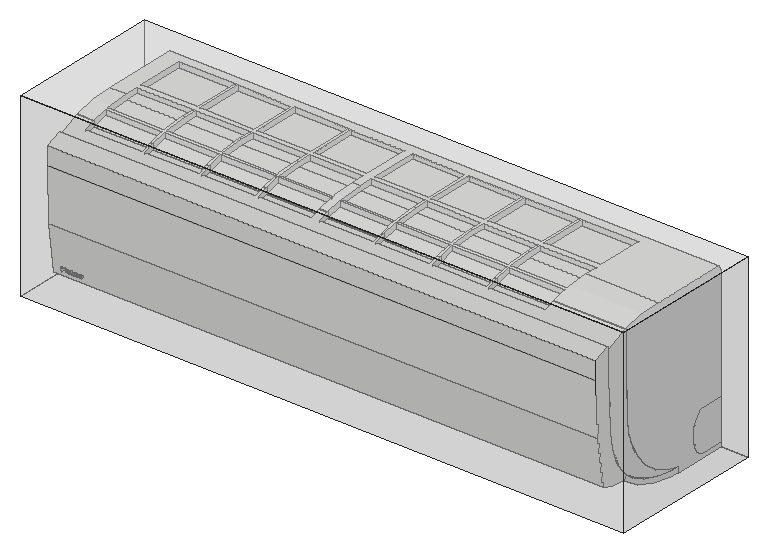
Revit family "outputfile", category 機械設備, Revit 2024
Family settings
  丸型コネクタ寸法 = 半径を使用
  パーツ タイプ = 標準
  OmniClass 番号 = 23.75.10.24.21.27.27
  OmniClass タイトル = Split System Air Conditioning Units
  作業面ベース = いいえ
  常に垂直 = はい
  ロード時にボイドで切り取り = いいえ
  注釈の向きを維持 = いいえ
  共有 = いいえ
  部屋計算ポイント = いいえ
Parameters (values of type "FTHF50VAVMV")
  Description = ""
  書き出し IFC クラス(タイプ) = "IfcUnitaryEquipmentType"
  定義済み IFC タイプ(タイプ) = "AIRCONDITIONINGUNIT"
  Cost = 0
  Type Comments = ""
  Keynote = ""
  Type Image = (empty or 0)
  Assembly Code = ""
  w_wall hole = 60.0 mm  # constant formula
  製造元 = "Daikin"
  モデル = "FTHF50VAVMV"
  switch_frequency = yes
  r_Liquid Pipe Size = Liquid Pipe Size / 2  # 3.2 mm
  r_Gas Pipe Size = Gas Pipe Size / 2  # 6.35 mm
  r_Drain Pipe Size = Drain Pipe Size / 2  # 8.0 mm
  lw_powersupply [instance] = if(or(Rear Right Connection_refrigerant, Bottom Right Connection_refrigerant), 80.0 mm, if(or(Rear Left Connection_refrigerant, Bottom Left Connection_refrigerant), 920.0 mm, 495.0 mm))  # 495.0 mm
  lw_liquidpipe [instance] = if(or(Rear Right Connection_refrigerant, Bottom Right Connection_refrigerant), 9.0 mm, if(or(Rear Left Connection_refrigerant, Bottom Left Connection_refrigerant), 871.0 mm, 475.0 mm))  # 475.0 mm
  lw_gaspipe [instance] = if(or(Rear Right Connection_refrigerant, Bottom Right Connection_refrigerant), 0.0 mm, if(or(Rear Left Connection_refrigerant, Bottom Left Connection_refrigerant), 880.0 mm, 400.0 mm))  # 400.0 mm
  lw_drainpipe [instance] = if(or(Rear Right Connection_refrigerant, Bottom Right Connection_refrigerant), 0.0 mm, if(or(Rear Left Connection_refrigerant, Bottom Left Connection_refrigerant), 880.0 mm, 435.0 mm))  # 435.0 mm
  l_powersupply_length [instance] = if(Right Connection_refrigerant, 495.0 mm, if(Left Connection_refrigerant, 495.0 mm, if(or(Rear Left Connection_refrigerant, Rear Right Connection_refrigerant), 15.0 mm, 50.0 mm)))  # 495.0 mm
  l_liquidpipe_length [instance] = if(Right Connection_refrigerant, 535.0 mm, if(Left Connection_refrigerant, 455.0 mm, if(or(Rear Left Connection_refrigerant, Rear Right Connection_refrigerant), 30.0 mm, 40.0 mm)))  # 535.0 mm
  l_gaspipe_length [instance] = if(Right Connection_refrigerant, 460.0 mm, if(Left Connection_refrigerant, 530.0 mm, if(or(Rear Left Connection_refrigerant, Rear Right Connection_refrigerant), 40.0 mm, 50.0 mm)))  # 460.0 mm
  l_drainpipe_length [instance] = if(Right Connection_refrigerant, 495.0 mm, if(Left Connection_refrigerant, 495.0 mm, if(or(Rear Left Connection_refrigerant, Rear Right Connection_refrigerant), 15.0 mm, 20.0 mm)))  # 495.0 mm
  h*** = 0.0 mm  # constant formula
  connector_voltage = Voltage_50Hz  # 230 V
  connector_powerinput = if([Power Input (Cooling)] > [Power Input (Heating)], [Power Input (Cooling)], [Power Input (Heating)])  # 0.000 kW
  connector_phase = Phase_50Hz  # 1
  angle_vertical [instance] = if(or(Bottom Left Connection_refrigerant, Bottom Right Connection_refrigerant), 0.00°, 90.00°)  # 90.00°
  angle_horizontal [instance] = if(Right Connection_refrigerant, 90.00°, if(Left Connection_refrigerant, -90.00°, if(or(Rear Left Connection_refrigerant, Rear Right Connection_refrigerant), 180.00°, 0.00°)))  # 90.00°
  Width = 990.0 mm
  Voltage_comment_50Hz = "220 - 240"
  Voltage_50Hz = 230 V
  Version = "ver.1.0"
  Unit Type = "Wall Mounted"
  Unit Mass Weight = 13.00 kg
  Unit Designation [instance] = ""
  Uniclass2015Version = "Products v1.30"
  Uniclass2015Title = "Split coil room air conditioning units"
  Uniclass2015Code = "Pr_70_65_03_86"
  URL = ""
  Total Heating Capacity [instance] = 0.000 kW
  Total Cooling Capacity [instance] = 0.000 kW
  Sound Pressure Level_M speed (dBA) = 40
  Sound Pressure Level_L speed (dBA) = 35
  Sound Pressure Level_H speed (dBA) = 44
  Sound Power Level_H speed (dB) = 0
  Series = "Single Split_Fan Coil Unit"
  Sensible Cooling Capacity [instance] = 0.000 kW
  Refrigerant Type = "R32"
  Power Input (Heating) = 0.000 kW
  Power Input (Cooling) = 0.000 kW
  Phase_50Hz = 1
  Option Accessory 3 [instance] = ""
  Option Accessory 2 [instance] = ""
  Option Accessory 1 [instance] = ""
  Nominal Heating Capacity = 5.000 kW
  Nominal Cooling Capacity = 5.000 kW
  Minimum Circuit Amps_50Hz = 0.0 A
  Minimum Airflow = 750.00 m³/h
  Median Airflow = 900.00 m³/h
  Maximum Fuse Amps_50Hz = 0.0 A
  Maximum Airflow = 1030.00 m³/h
  Material_Casing = DAIKIN_White_Casing_indoorunit
  Load Classification = HVAC
  Liquid Pipe Size = 6.4 mm
  Link_Nested Family [instance] = ""
  IfcVersion = ""
  IfcExportType = "AIRCONDITIONINGUNIT"
  IfcExportAs = "IfcUnitaryEquipmentType"
  Height = 295.0 mm
  Heating Entering Wet Bulb Temperature [instance] = -273.15 °C
  Heating Entering Dry Bulb Temperature [instance] = -273.15 °C
  Heating Ambient Wet Bulb Temperature [instance] = -273.15 °C
  Heating Ambient Dry Bulb Temperature [instance] = -273.15 °C
  Heat Exchanger Type = "Cross Fin Coil"
  Gas Pipe Size = 12.7 mm
  Frequency_50Hz = 50 Hz
  Fan Type = "Cross Flow Fan"
  Fan Drive = "Direct Drive"
  FCU Tag No. [instance] = ""
  Drain Pipe Size = 16.0 mm
  Design Supply Airflow [instance] = 0.00 m³/h
  Depth = 281.0 mm
  既定の高さ = 0.0 mm
  Cooling Entering Wet Bulb Temperature [instance] = 0.00 °C
  Cooling Entering Dry Bulb Temperature [instance] = 0.00 °C
  Cooling Ambient Wet Bulb Temperature [instance] = 0.00 °C
  Cooling Ambient Dry Bulb Temperature [instance] = 0.00 °C
  Clearance visibility [instance] = yes
  Clearance Top = 30.0 mm
  Clearance Right = 50.0 mm
  Clearance Rear = 0.0 mm
  Clearance Left = 50.0 mm
  Clearance Front = 0.0 mm
  Clearance Bottom = 0.0 mm
  Bottom Right Connection_refrigerant [instance] = no
  Bottom Left Connection_refrigerant [instance] = no
  Rear Right Connection_refrigerant [instance] = no
  Rear Left Connection_refrigerant [instance] = no
  Right Connection_refrigerant [instance] = yes
  Left Connection_refrigerant [instance] = no
Reference planes
  plane 1 "Back": y = 0
  plane 2: z = 0
  plane 3 "Center (Left/Right)": x = 0
  plane 4 "Center (Front/Back)": y = -140.5
  plane 5 "Front": y = -281
  plane 6 "Left": x = -495
  plane 7 "Right": x = 495
  plane 8 "Top": z = 0
  plane 9 "Bottom": z = -295
  plane 10: x = -545
  plane 11: x = 545
  plane 12: y = 0
  plane 13: y = -281
  plane 14: z = 30
  plane 15: z = -295
  plane 16 "lw_Piping and Wiring intake": x = 435
  plane 17 "lw_gaspipe": x = 35
  plane 18 "lw_liquidpipe": x = -40
  plane 19 "lw_drainpipe": x = 0
  plane 20 "lh_drainpipe": z = -275
  plane 21 "lh_liquidpipe": z = -255
  plane 22 "lh_gaspipe": z = -245
  plane 23 "ld_drainpipe": y = -15
  plane 24 "ld_liquidpipe": y = -30
  plane 25 "ld_gaspipe": y = -40
  plane 26 "lw_powersupply": x = 0
Dimensions and locks
  equal spacing: plane 6 "Left", plane 3 "Center (Left/Right)", plane 7 "Right"
  "Width": plane 6 "Left" to plane 7 "Right"
  equal spacing: plane 5 "Front", plane 4 "Center (Front/Back)", plane 1 "Back"
  "Depth": plane 5 "Front" to plane 1 "Back"
  "Height": plane 8 "Top" to plane 9 "Bottom"
  "Clearance Rear": plane 12 to plane 1 "Back"
  "Clearance Front": plane 13 to plane 5 "Front"
  "Clearance Top": plane 14 to plane 8 "Top"
  "Clearance Bottom": plane 9 "Bottom" to plane 15
  "w_wall hole": plane 16 "lw_Piping and Wiring intake" to plane 7 "Right"
  "lw_gaspipe": plane 17 "lw_gaspipe" to plane 16 "lw_Piping and Wiring intake"
  "lw_liquidpipe": plane 18 "lw_liquidpipe" to plane 16 "lw_Piping and Wiring intake"
  "lw_drainpipe": plane 19 "lw_drainpipe" to plane 16 "lw_Piping and Wiring intake"
  locked: plane 20 "lh_drainpipe" to plane 9 "Bottom" at 20
  locked: plane 21 "lh_liquidpipe" to plane 9 "Bottom" at 40
  locked: plane 22 "lh_gaspipe" to plane 9 "Bottom" at 50
  locked: plane 23 "ld_drainpipe" to plane 1 "Back" at 15
  locked: plane 1 "Back" to plane 24 "ld_liquidpipe" at 30
  locked: plane 1 "Back" to plane 25 "ld_gaspipe" at 40
  "lw_powersupply": plane 26 "lw_powersupply" to plane 7 "Right"
  "Clearance Right": plane 7 "Right" to plane 11
  "Clearance Left": plane 10 to plane 6 "Left"
  aligned and locked: level to plane 2
  aligned and locked: plane 12 to nested 1
  aligned and locked: nested 1 to plane 13
  aligned and locked: plane 10 to nested 1
  aligned and locked: plane 11 to nested 1
  aligned and locked: plane 15 to nested 1
  aligned and locked: plane 14 to nested 1
  aligned and locked: plane 17 "lw_gaspipe" to nested 2
  aligned and locked: nested 2 to plane 25 "ld_gaspipe"
  aligned and locked: plane 18 "lw_liquidpipe" to nested 3
  aligned and locked: nested 3 to plane 24 "ld_liquidpipe"
  aligned and locked: plane 19 "lw_drainpipe" to nested 4
  aligned and locked: nested 4 to plane 23 "ld_drainpipe"
  aligned and locked: nested 5 to plane 23 "ld_drainpipe"
  aligned and locked: plane 26 "lw_powersupply" to nested 5
  aligned and locked: level to plane 8 "Top"
  aligned and locked: plane 3 "Center (Left/Right)" to nested 6
  aligned and locked: plane 8 "Top" to nested 6
  aligned and locked: plane 1 "Back" to nested 6
Nested families
  nested 1: "daikin_clearancespace" at (0, -140.5, -132.381), show <- "Clearance visibility", visible <- "Clearance visibility", Link_Nested Family <- "Link_Nested Family", type "daikin_clearancespace"
    with width 1090.0 mm, show yes, height 325.0 mm, depth 281.0 mm, Link_Nested Family ""
  nested 2: "daikin_connector_rotate3" at (35, -40, -245), angle_vertical <- "angle_vertical", angle_horizontal <- "angle_horizontal", length <- "l_gaspipe_length", radius <- "r_Gas Pipe Size", type "daikin_connector_rotate3"
    with show no, radius 6.35 mm, length 460.0 mm, angle_vertical 90.00°, angle_horizontal 90.00°
  nested 3: "daikin_connector_rotate3" at (-40, -30, -255), angle_vertical <- "angle_vertical", angle_horizontal <- "angle_horizontal", radius <- "r_Liquid Pipe Size", length <- "l_liquidpipe_length", type "daikin_connector_rotate3"
    with show no, radius 3.2 mm, length 535.0 mm, angle_vertical 90.00°, angle_horizontal 90.00°
  nested 4: "daikin_connector_rotate3" at (0, -15, -275), angle_vertical <- "angle_vertical", angle_horizontal <- "angle_horizontal", length <- "l_drainpipe_length", radius <- "r_Drain Pipe Size", type "daikin_connector_rotate3"
    with show no, radius 8.0 mm, length 495.0 mm, angle_vertical 90.00°, angle_horizontal 90.00°
  nested 5: "daikin_connector_rotate3" at (0, -15, -245), angle_vertical <- "angle_vertical", angle_horizontal <- "angle_horizontal", length <- "l_powersupply_length", type "daikin_connector_rotate3"
    with show no, radius 10.0 mm, length 495.0 mm, angle_vertical 90.00°, angle_horizontal 90.00°
  nested 6: "DAIKIN_indoorunit_FTHF-VAVMV" at (-31, 0, 0), type "FTHF-VAVMV"
Connectors
  piping at (495, -40, -245), diameter 12.7, driven by "r_Gas Pipe Size"
    settings: on nested 2, index 1, connector inside diameter 609.6 mm, connector length 0.0 mm, flow factor 0, pipe flow 0.00 m³/h, pressure drop 0.0 Pa, fitting loss kfactor 0, connector angle 0.00°, fixture units 0, engagement length 0.0 mm, angle of deflection 0.00°, flow configuration 1, flow direction 2, fitting loss method 0, system type 29, joint type 0, gender type 0, connector reference index -1, connector utility 0, adjustable connector no, is connector primary yes, connector description "Refrigerant Gas Piping"
  piping at (495, -30, -255), diameter 6.4, driven by "r_Liquid Pipe Size"
    settings: on nested 3, index 2, connector inside diameter 609.6 mm, connector length 0.0 mm, flow factor 0, pipe flow 0.00 m³/h, pressure drop 0.0 Pa, fitting loss kfactor 0, connector angle 0.00°, fixture units 0, engagement length 0.0 mm, angle of deflection 0.00°, flow configuration 1, flow direction 1, fitting loss method 0, system type 29, joint type 0, gender type 0, connector reference index -1, connector utility 0, adjustable connector no, is connector primary no, connector description "Refrigerant Liquid Piping"
  piping at (495, -15, -275), diameter 16, driven by "r_Drain Pipe Size"
    settings: on nested 4, index 3, connector inside diameter 609.6 mm, connector length 0.0 mm, flow factor 0, pipe flow 0.00 m³/h, pressure drop 0.0 Pa, fitting loss kfactor 0, connector angle 0.00°, fixture units 0, engagement length 0.0 mm, angle of deflection 0.00°, flow configuration 1, flow direction 2, fitting loss method 4, system type 16, joint type 0, gender type 0, connector reference index -1, connector utility 0, adjustable connector no, is connector primary no, connector description "Condensate Drain Piping"
  electrical at (495, -15, -245), driven by "Load Classification", driven by "connector_phase", driven by "connector_powerinput", driven by "connector_voltage"
    settings: on nested 5, index 4, voltage 230 V, apparent load 0 VA, apparent load phase1 0 VA, apparent load phase2 0 VA, apparent load phase3 0 VA, power factor 1, load classification "HVAC", number of poles 1, system type 30, power factor state 1, is connector primary yes, connector utility no, sub classification motor no, connector description "Power Supply"
Definition of nested family "daikin_clearancespace"
  Parameters (values of type "daikin_clearancespace")
    Description = "daikin_clearancespace"
    width [instance] = 1823.963 mm
    show [instance] = yes
    material = none
    height [instance] = 1359.762 mm
    depth [instance] = 880.0 mm
    Default Elevation = 0.0 mm
    Link_Nested Family [instance] = ""
  Reference planes
    plane 1 "Center (Front/Back)": y = 0
    plane 2 "Center (Elevation)": z = -0.119
    plane 3 "Center (Left/Right)": x = 0
    plane 4: y = 440
    plane 5: y = -440
    plane 6 "Right": x = 911.982
    plane 7 "Left": x = -911.982
    plane 8 "Top": z = 679.762
    plane 9 "Bottom": z = -680
  Forms (mm)
    Extrusion 1, solid, material <- "material", visible <- "show"
      sketch origin (0, 0, 0) x (1, 0, 0) y (0, 1, 0)
        loop
          line (-911.982, 440) -> (-911.982, -440) -> (911.982, -440) -> (911.982, 440) -> (-911.982, 440)
      from -680 to 679.762
  Lines and regions (mm)
    symbolic lines, visible <- "show"
      curve 1: line (911.982, 440, 0) -> (-911.982, 440, 0)
      curve 2: line (-911.982, 440, 0) -> (-911.982, -440, 0)
      curve 3: line (-911.982, -440, 0) -> (911.982, -440, 0)
      curve 4: line (911.982, -440, 0) -> (911.982, 440, 0)
      curve 5: line (911.982, 0, 679.762) -> (-911.982, 0, 679.762)
      curve 6: line (911.982, 0, -680) -> (911.982, 0, 679.762)
      curve 7: line (-911.982, 0, -680) -> (911.982, 0, -680)
      curve 8: line (-911.982, 0, 679.762) -> (-911.982, 0, -680)
      curve 9: line (0, 440, 679.762) -> (0, -440, 679.762)
      curve 10: line (0, -440, 679.762) -> (0, -440, -680)
      curve 11: line (0, 440, -680) -> (0, 440, 679.762)
      curve 12: line (0, -440, -680) -> (0, 440, -680)
  Dimensions and locks
    "width": plane 7 "Left" to plane 6 "Right"
    "depth": plane 4 to plane 5
    "height": plane 8 "Top" to plane 9 "Bottom"
    equal spacing: plane 7 "Left", plane 3 "Center (Left/Right)", plane 6 "Right"
    equal spacing: plane 4, plane 1 "Center (Front/Back)", plane 5
    equal spacing: plane 8 "Top", plane 2 "Center (Elevation)", plane 9 "Bottom"
    aligned and locked: level to plane 2 "Center (Elevation)"
    aligned and locked: Extrusion 1 sketch curve to plane 4
    aligned and locked: plane 7 "Left" to Extrusion 1 sketch curve
    aligned and locked: Extrusion 1 sketch curve to plane 5
    aligned and locked: Extrusion 1 sketch curve to plane 6 "Right"
    aligned and locked: plane 8 "Top" to Extrusion 1
    aligned and locked: curve 1 to Extrusion 1
    aligned and locked: curve 2 to Extrusion 1
    aligned and locked: curve 3 to Extrusion 1
    aligned and locked: curve 4 to Extrusion 1
    aligned and locked: curve 5 to Extrusion 1
    aligned and locked: curve 6 to Extrusion 1
    aligned and locked: curve 7 to Extrusion 1
    aligned and locked: curve 8 to Extrusion 1
    aligned and locked: curve 9 to Extrusion 1
    aligned and locked: curve 10 to Extrusion 1
    aligned and locked: curve 11 to Extrusion 1
    aligned and locked: curve 12 to Extrusion 1
    aligned and locked: Extrusion 1 to plane 9 "Bottom"
Definition of nested family "DAIKIN_indoorunit_FTHF-VAVMV"
  Parameters (values of type "FTHF-VAVMV")
    Width = 990.0 mm
    Material_Casing = none
    Height = 295.0 mm
    Default Elevation = 0.0 mm
  Reference planes
    plane 1 "Center (Front/Back)": y = 0
    plane 2 "reference_level": z = 0
    plane 3 "Center (Left/Right)": x = 31
    plane 4: x = -464
    plane 5: x = 526
    plane 6: y = -281
    plane 7: z = -295
  Forms (mm)
    Extrusion 1, solid, material <- "Material_Casing"
      sketch origin (31, 0, 0) x (0, 1, 0) y (0, 0, 1)
        loop
          line (-219.505, -253.208) -> (-214.063, -245.993)
          arc (-214.063, -245.993) -> (-226.305, -232.688) -> (-235.972, -217.41) r 100.737
          arc (-235.972, -217.41) -> (-246.359, -189.681) -> (-251.069, -160.448) r 149.292
          arc (-251.069, -160.448) -> (-253.267, -112.746) -> (-254, -65) r 1555.387
          line (-254, -65) -> (-254, -22.209) -> (-280.96, -32.522) -> (-281, -65.309)
          arc (-281, -65.309) -> (-280.275, -112.896) -> (-278.119, -160.439) r 1582.495
          arc (-278.119, -160.439) -> (-274.11, -202.042) -> (-267, -243.228) r 558.201
          arc (-267, -243.228) -> (-249.058, -250.67) -> (-229.801, -253.208) r 74.313
          line (-229.801, -253.208) -> (-219.505, -253.208)
      from -495 to 495
    Extrusion 2, solid, material <- "Material_Casing"
      sketch origin (31, 0, 0) x (0, 1, 0) y (0, 0, 1)
        loop
          arc (-100.5, -284.747) -> (-179.919, -239.801) -> (-212.343, -154.5) r 134.438
          arc (-212.343, -154.5) -> (-213.586, -109.758) -> (-214, -65) r 2418.229
          line (-214, -65) -> (-214, -20.481)
          arc (-214, -20.481) -> (-233.83, -27.507) -> (-253, -36.176) r 250
          line (-253, -36.176) -> (-253, -65)
          arc (-253, -65) -> (-252.267, -112.716) -> (-250.07, -160.386) r 1554.382
          arc (-250.07, -160.386) -> (-245.365, -189.53) -> (-234.983, -217.165) r 148.387
          arc (-234.983, -217.165) -> (-218.057, -240.73) -> (-195.079, -258.444) r 100
          arc (-195.079, -258.444) -> (-149.468, -277.868) -> (-100.5, -285.595) r 201.939
          line (-100.5, -285.595) -> (-100.5, -284.747)
      from -495 to 495
    Extrusion 3, solid, material <- "Material_Casing"
      sketch origin (31, 0, 0) x (0, 1, 0) y (0, 0, 1)
        loop
          arc (-214, -65) -> (-213.586, -109.758) -> (-212.343, -154.5) r 2418.229
          arc (-212.343, -154.5) -> (-178.254, -241.703) -> (-95.5, -285.502) r 134.438
          line (-95.5, -285.502) -> (-95.5, -295) -> (0, -295) -> (0, -9) -> (-140.5, -9)
          arc (-140.5, -9) -> (-177.696, -11.888) -> (-214, -20.481) r 241
          line (-214, -20.481) -> (-214, -65)
      from -495 to 495
    Extrusion 4, solid, material <- "Material_Casing"
      sketch origin (31, 0, 0) x (0, 1, 0) y (0, 0, 1)
        loop
          line (-213.317, -246.664) -> (-219.196, -254.466)
          arc (-219.196, -254.466) -> (-168.535, -282.168) -> (-112.23, -294.964) r 209.168
          arc (-112.23, -294.964) -> (-111.806, -294.991) -> (-111.381, -295) r 10
          line (-111.381, -295) -> (-96.5, -295) -> (-96.5, -286) -> (-111.136, -286)
          arc (-111.136, -286) -> (-154.838, -277.36) -> (-195.568, -259.316) r 201.22
          arc (-195.568, -259.316) -> (-204.785, -253.47) -> (-213.317, -246.664) r 101
      from 445 to 495
    Extrusion 5, solid, material <- "Material_Casing"
      sketch origin (-464, 2327.908, 1200) x (0, 1, 0) y (0, 0, 1)
        loop
          line (-2541.225, -1446.664) -> (-2547.104, -1454.466)
          arc (-2547.104, -1454.466) -> (-2496.443, -1482.168) -> (-2440.138, -1494.964) r 209.168
          arc (-2440.138, -1494.964) -> (-2439.714, -1494.991) -> (-2439.289, -1495) r 10
          line (-2439.289, -1495) -> (-2424.408, -1495) -> (-2424.408, -1486) -> (-2439.044, -1486)
          arc (-2439.044, -1486) -> (-2482.746, -1477.36) -> (-2523.476, -1459.316) r 201.22
          arc (-2523.476, -1459.316) -> (-2532.693, -1453.47) -> (-2541.225, -1446.664) r 101
      from 0 to 45
    Extrusion 6, solid, material <- "Material_Casing"
      sketch origin (31, 0, 0) x (0, 1, 0) y (0, 0, 1)
        loop
          line (-213.317, -246.664) -> (-219.196, -254.466)
          arc (-219.196, -254.466) -> (-168.535, -282.168) -> (-112.23, -294.964) r 209.168
          arc (-112.23, -294.964) -> (-111.806, -294.991) -> (-111.381, -295) r 10
          line (-111.381, -295) -> (-96.5, -295) -> (-96.5, -286) -> (-111.136, -286)
          arc (-111.136, -286) -> (-154.838, -277.36) -> (-195.568, -259.316) r 201.22
          arc (-195.568, -259.316) -> (-204.785, -253.47) -> (-213.317, -246.664) r 101
      from 348 to 444
    Extrusion 7, solid, material <- "Material_Casing"
      sketch origin (31, 0, 0) x (0, 1, 0) y (0, 0, 1)
        loop
          line (-213.317, -246.664) -> (-219.196, -254.466)
          arc (-219.196, -254.466) -> (-180.878, -277.039) -> (-138.653, -291) r 209.168
          line (-138.653, -291) -> (-132.632, -283.01)
          arc (-132.632, -283.01) -> (-165.097, -273.811) -> (-195.568, -259.316) r 201.22
          arc (-195.568, -259.316) -> (-204.785, -253.47) -> (-213.317, -246.664) r 101
      from -442 to 343
    Extrusion 8, solid, material <- "Material_Casing"
      sketch origin (31, 0, 0) x (0, 1, 0) y (0, 0, 1)
        loop
          arc (-214, -11.049) -> (-233.83, -18.074) -> (-253, -26.743) r 250
          line (-253, -26.743) -> (-253, -36.176)
          arc (-253, -36.176) -> (-233.83, -27.507) -> (-214, -20.481) r 250
          line (-214, -20.481) -> (-214, -11.049)
      from -495 to 495
    Extrusion 9, solid, material <- "Material_Casing"
      sketch origin (31, 0, 0) x (0, 1, 0) y (0, 0, 1)
        loop
          arc (-140.5, 0) -> (-177.663, -2.778) -> (-214, -11.049) r 250
          line (-214, -11.049) -> (-214, -20.481)
          arc (-214, -20.481) -> (-177.696, -11.888) -> (-140.5, -9) r 241
          line (-140.5, -9) -> (0, -9) -> (-5, 0) -> (-140.5, 0)
      from -495 to 495
    Extrusion 10, void
      sketch origin (0, 0, 0) x (1, 0, 0) y (0, 1, 0)
        loop
          line (-434.288, -22.7) -> (-434.288, -107.9) -> (-332.288, -107.9) -> (-332.288, -22.7) -> (-434.288, -22.7)
        loop
          line (-332.288, -116.9) -> (-434.288, -116.9) -> (-434.288, -183.4) -> (-332.288, -183.4) -> (-332.288, -116.9)
        loop
          line (-332.288, -187.9) -> (-434.288, -187.9) -> (-434.288, -231.9) -> (-332.288, -231.9) -> (-332.288, -187.9)
        loop
          line (-328.088, -22.7) -> (-328.088, -107.9) -> (-229.888, -107.9) -> (-229.888, -22.7) -> (-328.088, -22.7)
        loop
          line (-229.888, -116.9) -> (-328.088, -116.9) -> (-328.088, -183.4) -> (-229.888, -183.4) -> (-229.888, -116.9)
        loop
          line (-229.888, -187.9) -> (-328.088, -187.9) -> (-328.088, -231.9) -> (-229.888, -231.9) -> (-229.888, -187.9)
        loop
          line (-225.688, -22.7) -> (-225.688, -107.9) -> (-127.488, -107.9) -> (-127.488, -22.7) -> (-225.688, -22.7)
        loop
          line (-127.488, -116.9) -> (-225.688, -116.9) -> (-225.688, -183.4) -> (-127.488, -183.4) -> (-127.488, -116.9)
        loop
          line (-127.488, -187.9) -> (-225.688, -187.9) -> (-225.688, -231.9) -> (-127.488, -231.9) -> (-127.488, -187.9)
        loop
          line (-123.288, -22.7) -> (-123.288, -107.9) -> (-26.288, -107.9) -> (-26.288, -22.7) -> (-123.288, -22.7)
        loop
          line (-26.288, -116.9) -> (-123.288, -116.9) -> (-123.288, -183.4) -> (-26.288, -183.4) -> (-26.288, -116.9)
        loop
          line (-26.288, -187.9) -> (-123.288, -187.9) -> (-123.288, -231.9) -> (-26.288, -231.9) -> (-26.288, -187.9)
        loop
          line (395.712, -22.7) -> (293.712, -22.7) -> (293.712, -107.9) -> (395.712, -107.9) -> (395.712, -22.7)
        loop
          line (293.712, -116.9) -> (293.712, -183.4) -> (395.712, -183.4) -> (395.712, -116.9) -> (293.712, -116.9)
        loop
          line (293.712, -187.9) -> (293.712, -231.9) -> (395.712, -231.9) -> (395.712, -187.9) -> (293.712, -187.9)
        loop
          line (289.512, -22.7) -> (191.312, -22.7) -> (191.312, -107.9) -> (289.512, -107.9) -> (289.512, -22.7)
        loop
          line (191.312, -116.9) -> (191.312, -183.4) -> (289.512, -183.4) -> (289.512, -116.9) -> (191.312, -116.9)
        loop
          line (191.312, -187.9) -> (191.312, -231.9) -> (289.512, -231.9) -> (289.512, -187.9) -> (191.312, -187.9)
        loop
          line (187.112, -22.7) -> (88.912, -22.7) -> (88.912, -107.9) -> (187.112, -107.9) -> (187.112, -22.7)
        loop
          line (88.912, -116.9) -> (88.912, -183.4) -> (187.112, -183.4) -> (187.112, -116.9) -> (88.912, -116.9)
        loop
          line (88.912, -187.9) -> (88.912, -231.9) -> (187.112, -231.9) -> (187.112, -187.9) -> (88.912, -187.9)
        loop
          line (84.712, -22.7) -> (-12.288, -22.7) -> (-12.288, -107.9) -> (84.712, -107.9) -> (84.712, -22.7)
        loop
          line (-12.288, -116.9) -> (-12.288, -183.4) -> (84.712, -183.4) -> (84.712, -116.9) -> (-12.288, -116.9)
        loop
          line (-12.288, -187.9) -> (-12.288, -231.9) -> (84.712, -231.9) -> (84.712, -187.9) -> (-12.288, -187.9)
      from -47.376 to 34.635
    Extrusion 11, solid, material <- "Material_Casing"
      sketch origin (31, 0, 0) x (0, 1, 0) y (0, 0, 1)
        loop
          line (0, -287) -> (0, -214.4) -> (-35.8, -214.4)
          arc (-35.8, -214.4) -> (-52.771, -221.429) -> (-59.8, -238.4) r 24
          line (-59.8, -238.4) -> (-59.8, -263)
          arc (-59.8, -263) -> (-52.771, -279.971) -> (-35.8, -287) r 24
          line (-35.8, -287) -> (0, -287)
      from 490 to 495
    Extrusion 12, solid, material <- "Material_Casing"
      sketch origin (-954, 0, 0) x (0, 1, 0) y (0, 0, 1)
        loop
          line (0, -287) -> (0, -214.4) -> (-35.8, -214.4)
          arc (-35.8, -214.4) -> (-52.771, -221.429) -> (-59.8, -238.4) r 24
          line (-59.8, -238.4) -> (-59.8, -263)
          arc (-59.8, -263) -> (-52.771, -279.971) -> (-35.8, -287) r 24
          line (-35.8, -287) -> (0, -287)
      from 490 to 495
    Extrusion 13, solid, material <- "Material_Casing"
      sketch origin (0, 0, 0) x (1, 0, 0) y (0, 0, 1)
        loop
          circle (-416, -250.5) r 40
        loop
          circle (466, -250.5) r 40
      from 0 to 5
    Extrusion 14, solid, material <- "Material_Casing"
      sketch origin (4267.2, -957.059, -295) x (0, -1, 0) y (1, 0, 0)
        loop
          line (-957.059, -4705) -> (-921.259, -4705)
          arc (-921.259, -4705) -> (-904.289, -4697.971) -> (-897.259, -4681) r 24
          line (-897.259, -4681) -> (-897.259, -4656.4)
          arc (-897.259, -4656.4) -> (-904.289, -4639.429) -> (-921.259, -4632.4) r 24
          line (-921.259, -4632.4) -> (-957.059, -4632.4) -> (-957.059, -4705)
        loop
          line (-957.059, -3840) -> (-921.259, -3840)
          arc (-921.259, -3840) -> (-904.289, -3832.971) -> (-897.259, -3816) r 24
          line (-897.259, -3816) -> (-897.259, -3791.4)
          arc (-897.259, -3791.4) -> (-904.289, -3774.429) -> (-921.259, -3767.4) r 24
          line (-921.259, -3767.4) -> (-957.059, -3767.4) -> (-957.059, -3840)
      from 0 to 5
  Cuts and joins
    Extrusion 10 cuts Extrusion 9
    joined: Extrusion 3, Extrusion 9
    Extrusion 10 cuts Extrusion 8
    joined: Extrusion 2, Extrusion 8
  Dimensions and locks
    plane 4 to plane 5 = 990.0 mm
    plane 4 to plane 3 "Center (Left/Right)" to plane 5 = 495.0 mm, 495.0 mm
    plane 6 to plane 1 "Center (Front/Back)" = 281.0 mm
    level to plane 7 = 295.0 mm
    locked: nested 1 to plane 4 at 15
    locked: Extrusion 13 sketch curve to plane 4 at 48
    locked: plane 5 to Extrusion 13 sketch curve at 60
    locked: Extrusion 13 sketch curve to plane 7 at 44.5  (x2)
    radius of Extrusion 13 sketch curve = 40.0 mm  (x2)
    aligned and locked: level to plane 2 "reference_level"
  Nested families
    nested 1: "daikin_logo_plane_w40" at (-430, -268.859, -227.4) x (1, 0, 0) z (0, -0.9839, -0.1789), type "daikin_logo_plane_w40"
      with show_logo yes
  Definition of nested family "daikin_logo_plane_w40"
    Parameters (values of type "daikin_logo_plane_w40")
      width = 40.0 mm
      show_logo [instance] = yes
      material = none
      height = 0.0 mm
      depth = 0.0 mm
      Default Elevation = 1219.2 mm
    Reference planes
      plane 1 "Center (Front/Back)": y = 0
      plane 2: z = 0
      plane 3 "Center (Left/Right)": x = 0
      plane 4: z = 2
      plane 5 "left": x = -19
      plane 6: x = 19
    Forms (mm)
      Extrusion 1, solid, visible <- "show_logo"
        sketch origin (-19, 0, 0) x (1, 0, 0) y (0, 1, 0)
          loop
            line (8.902, -1.878) -> (7.789, -6.332) -> (11.13, -6.332)
            arc (11.13, -6.332) -> (12.454, -6.064) -> (13.472, -5.176) r 2.642
            arc (13.472, -5.176) -> (13.92, -4.02) -> (13.767, -2.79) r 2.537
            arc (13.767, -2.79) -> (13.452, -2.342) -> (12.982, -2.06) r 1.321
            arc (12.982, -2.06) -> (12.063, -1.902) -> (11.13, -1.878) r 6.479
            line (11.13, -1.878) -> (8.902, -1.878)
          loop
            line (10.016, -5.441) -> (10.907, -5.441)
            arc (10.907, -5.441) -> (11.591, -4.983) -> (11.988, -4.261) r 1.742
            spline (11.988, -4.261) -> (12.01, -4.155) -> (12.027, -4.03) -> (12.037, -3.893) -> (12.037, -3.747) -> (12.026, -3.598) -> (12.002, -3.451) -> (11.962, -3.31) -> (11.905, -3.181) -> (11.829, -3.069) -> (11.731, -2.978) -> (11.61, -2.913) -> (11.464, -2.88)
            line (11.464, -2.88) -> (10.573, -2.88) -> (10.016, -5.441)
          loop
            line (13.58, -6.332) -> (14.805, -6.332) -> (15.223, -5.553) -> (16.977, -5.553) -> (17.144, -6.332) -> (19.149, -6.332) -> (18.258, -1.878) -> (16.03, -1.878) -> (13.58, -6.332)
          loop
            line (16.476, -3.214) -> (15.76, -4.551) -> (16.762, -4.551) -> (16.476, -3.214)
          loop
            line (19.705, -6.332) -> (21.599, -6.332) -> (22.712, -1.878) -> (20.819, -1.878) -> (19.705, -6.332)
          loop
            line (22.712, -6.332) -> (24.606, -6.332) -> (24.908, -5.122) -> (25.831, -6.332) -> (28.17, -6.332) -> (26.388, -3.994) -> (28.949, -1.878) -> (26.945, -1.878) -> (25.401, -3.153) -> (25.719, -1.878) -> (23.826, -1.878) -> (22.712, -6.332)
          loop
            line (29.84, -1.878) -> (28.615, -6.332) -> (30.62, -6.332) -> (31.734, -1.878) -> (29.84, -1.878)
          loop
            line (31.734, -6.332) -> (33.07, -6.332) -> (33.7, -3.814) -> (34.518, -6.332) -> (36.745, -6.332) -> (37.859, -1.878) -> (36.523, -1.878) -> (35.845, -4.589) -> (34.963, -1.878) -> (32.847, -1.878) -> (31.734, -6.332)
        from 0 to 2
      Extrusion 2, solid, visible <- "show_logo"
        sketch origin (-19, 0, 0) x (1, 0, 0) y (0, 1, 0)
          loop
            line (8.7, 0) -> (4.235, 0) -> (0, -3.879) -> (0, -8) -> (8.7, 0)
        from 0 to 2
      Extrusion 3, solid, visible <- "show_logo"
        sketch origin (-19, 0, 0) x (1, 0, 0) y (0, 1, 0)
          loop
            line (0, 0) -> (0, -3.879) -> (4.235, 0) -> (0, 0)
        from 0 to 2
    Dimensions and locks
      plane 4 to plane 2 = 2.0 mm
      equal spacing: plane 5 "left", plane 3 "Center (Left/Right)", plane 6
      locked: plane 5 "left" to plane 6 at 38
      aligned and locked: level to plane 2
      aligned and locked: Extrusion 3 to plane 1 "Center (Front/Back)"  (x2)
      aligned and locked: Extrusion 2 to plane 1 "Center (Front/Back)"  (x2)
      aligned and locked: plane 4 to Extrusion 1
      aligned and locked: plane 4 to Extrusion 3
      aligned and locked: plane 4 to Extrusion 2
      aligned and locked: Extrusion 3 to plane 5 "left"
      aligned and locked: Extrusion 2 to plane 5 "left"
    Automatic sketch dimensions
      Extrusion 1 sketch curve to Extrusion 1 sketch curve = 0.901 mm
      Extrusion 1 sketch curve to Extrusion 1 sketch curve = 1.559 mm
      Extrusion 1 sketch curve to Extrusion 1 sketch curve = 1.327 mm
      Extrusion 1 sketch curve to Extrusion 1 sketch curve = 2.145 mm
      Extrusion 1 sketch curve to Extrusion 1 sketch curve = 1.448 mm
      Extrusion 1 sketch curve to Extrusion 1 sketch curve = 2.116 mm
      Extrusion 1 sketch curve to Extrusion 1 sketch curve = 1.114 mm  (x4)
      Extrusion 1 sketch curve to Extrusion 1 sketch curve = 1.336 mm  (x2)
      plane 1 "Center (Front/Back)" to Extrusion 1 sketch curve = 1.878 mm  (x5)
      Extrusion 1 sketch curve to Extrusion 1 sketch curve = 1.893 mm  (x5)
      Extrusion 1 sketch curve to Extrusion 1 sketch curve = 0.891 mm  (x4)
      Extrusion 1 sketch curve to Extrusion 1 sketch curve = 2.005 mm  (x3)
      Extrusion 1 sketch curve to Extrusion 1 sketch curve = 0.445 mm  (x2)
      plane 1 "Center (Front/Back)" to Extrusion 1 sketch curve = 3.994 mm
      Extrusion 1 sketch curve to Extrusion 1 sketch curve = 0.557 mm  (x2)
      Extrusion 1 sketch curve to Extrusion 1 sketch curve = 2.339 mm  (x2)
      Extrusion 1 sketch curve to Extrusion 1 sketch curve = 1.225 mm  (x3)
      plane 1 "Center (Front/Back)" to Extrusion 1 sketch curve = 3.153 mm
      Extrusion 1 sketch curve to Extrusion 1 sketch curve = 0.987 mm
      plane 1 "Center (Front/Back)" to Extrusion 1 sketch curve = 5.122 mm
      Extrusion 1 sketch curve to Extrusion 1 sketch curve = 0.922 mm
      plane 1 "Center (Front/Back)" to Extrusion 1 sketch curve = 6.332 mm
      Extrusion 1 sketch curve to Extrusion 1 sketch curve = 2.562 mm
      plane 1 "Center (Front/Back)" to Extrusion 1 sketch curve = 5.553 mm
      Extrusion 1 sketch curve to Extrusion 1 sketch curve = 0.167 mm
      Extrusion 1 sketch curve to Extrusion 1 sketch curve = 0.215 mm
      plane 1 "Center (Front/Back)" to Extrusion 1 sketch curve = 3.214 mm
      Extrusion 1 sketch curve to Extrusion 1 sketch curve = 0.286 mm
      plane 1 "Center (Front/Back)" to Extrusion 1 sketch curve = 4.551 mm
      Extrusion 1 sketch curve to Extrusion 1 sketch curve = 1.002 mm
      Extrusion 1 sketch curve to Extrusion 1 sketch curve = 0.537 mm
      Extrusion 1 sketch curve to Extrusion 1 sketch curve = 0.418 mm
      Extrusion 1 sketch curve to Extrusion 1 sketch curve = 1.028 mm
      plane 1 "Center (Front/Back)" to Extrusion 1 sketch curve = 4.261 mm
      Extrusion 1 sketch curve to Extrusion 1 sketch curve = 0.563 mm
      plane 1 "Center (Front/Back)" to Extrusion 1 sketch curve = 2.88 mm
      Extrusion 1 sketch curve to Extrusion 1 sketch curve = 1.088 mm
      Extrusion 1 sketch curve to Extrusion 1 sketch curve = 2.152 mm
      Extrusion 1 sketch curve to Extrusion 1 sketch curve = 0.586 mm
      Extrusion 1 sketch curve to Extrusion 1 sketch curve = 0.118 mm
      Extrusion 1 sketch curve to Extrusion 1 sketch curve = 0.298 mm
      Extrusion 1 sketch curve to Extrusion 1 sketch curve = 0.334 mm
      Extrusion 1 sketch curve to Extrusion 1 sketch curve = 0.223 mm
      Extrusion 1 sketch curve to Extrusion 1 sketch curve = 0.266 mm
      Extrusion 1 sketch curve to Extrusion 1 sketch curve = 1.671 mm
      Extrusion 1 sketch curve to Extrusion 1 sketch curve = 2.227 mm
      Extrusion 1 sketch curve to Extrusion 1 sketch curve = 0.0 mm  (x7)
      Extrusion 1 sketch curve to Extrusion 1 sketch curve = 3.453 mm
      Extrusion 1 sketch curve to Extrusion 1 sketch curve = 2.017 mm
      Extrusion 1 sketch curve to Extrusion 1 sketch curve = 0.78 mm  (x2)
      Extrusion 1 sketch curve to Extrusion 1 sketch curve = 1.743 mm
      Extrusion 1 sketch curve to Extrusion 1 sketch curve = 0.775 mm
      Extrusion 1 sketch curve to Extrusion 1 sketch curve = 0.552 mm
      Extrusion 1 sketch curve to Extrusion 1 sketch curve = 0.014 mm
      Extrusion 1 sketch curve to Extrusion 1 sketch curve = 0.952 mm
      Extrusion 1 sketch curve to Extrusion 1 sketch curve = 1.215 mm
      Extrusion 1 sketch curve to Extrusion 1 sketch curve = 0.108 mm
      plane 1 "Center (Front/Back)" to Extrusion 2 sketch curve = 0.0 mm
      Extrusion 2 sketch curve to plane 3 "Center (Left/Right)" = 19.0 mm
      Extrusion 2 sketch curve to plane 3 "Center (Left/Right)" = 14.765 mm
      Extrusion 2 sketch curve to Extrusion 2 sketch curve = 4.465 mm
      plane 1 "Center (Front/Back)" to Extrusion 2 sketch curve = 3.879 mm
      Extrusion 2 sketch curve to Extrusion 2 sketch curve = 4.12 mm
      plane 1 "Center (Front/Back)" to Extrusion 3 sketch curve = 0.0 mm
      Extrusion 3 sketch curve to plane 3 "Center (Left/Right)" = 19.0 mm
      Extrusion 3 sketch curve to plane 3 "Center (Left/Right)" = 14.765 mm
      plane 1 "Center (Front/Back)" to Extrusion 3 sketch curve = 3.879 mm
      Extrusion 1 sketch curve to plane 3 "Center (Left/Right)" = 11.211 mm
      Extrusion 1 sketch curve to Extrusion 1 sketch curve = 1.782 mm
Definition of nested family "daikin_connector_rotate3"
  Parameters (values of type "daikin_connector_rotate3")
    show [instance] = yes
    radius [instance] = 10.0 mm
    length [instance] = 600.0 mm
    angle_horizontal [instance] = 60.00°
    angle_vertical [instance] = 90.00°
    Default Elevation = 1219.2 mm
  Reference planes
    plane 1 "Center (Front/Back)": y = 0
    plane 2: z = 0
    plane 3 "Center (Left/Right)": x = 0
  Dimensions and locks
    "angle_horizontal": angle plane 3 "Center (Left/Right)" to nested 1
    aligned and locked: level to plane 2
    aligned and locked: plane 1 "Center (Front/Back)" to nested 1  (x2)
    aligned and locked: plane 3 "Center (Left/Right)" to nested 1
  Nested families
    nested 1: "daikin_connector_rotate2" at (0, 0, 0) x (0.5, 0.866, 0) z (0, 0, 1), angle_vertical <- "angle_vertical", length <- "length", radius <- "radius", type "daikin_connector_rotate2"
      with radius 10.0 mm, length 600.0 mm, angle_vertical 90.00°
  Definition of nested family "daikin_connector_rotate2"
    Parameters (values of type "daikin_connector_rotate2")
      show_face = yes
      radius [instance] = 10.0 mm
      length [instance] = 600.0 mm
      d_surface = 10.0 mm
      angle_vertical [instance] = 90.00°
      Default Elevation = 0.0 mm
    Reference planes
      plane 1 "Center (Front/Back)": y = 0
      plane 2: z = 0
      plane 3 "Center (Left/Right)": x = 0
    Forms (mm)
      Extrusion 1, solid, visible <- "show_face"
        sketch origin (0, -600, 0) x (1, 0, 0) y (0, 0, 1)
          loop
            circle (0, 0) r 10
        from 0 to -10
    Lines and regions (mm)
      reference lines
        curve 1: line (0, 0, 0) -> (0, -600, 0)
      symbolic lines
        curve 2: circle (0, 0, 0) r 5 normal (0, 0, 1)
      model lines, visible <- "show_face"
        curve 3: line (0, 0, 0) -> (0, -600, 0)
    Dimensions and locks
      "length": curve 1 to curve 1
      "length": curve 3 to curve 3
      "d_surface": Extrusion 1 to Extrusion 1
      "radius": radius of Extrusion 1 sketch curve
      "angle_vertical": angle curve 1 to plane 1 "Center (Front/Back)"
      "angle_vertical": angle curve 3 to plane 1 "Center (Front/Back)"
      aligned and locked: level to plane 2
      aligned and locked: plane 1 "Center (Front/Back)" to curve 1
      aligned and locked: plane 2 to curve 1
      aligned and locked: plane 1 "Center (Front/Back)" to curve 2
      aligned and locked: plane 3 "Center (Left/Right)" to curve 2
      aligned and locked: plane 1 "Center (Front/Back)" to curve 3
      aligned and locked: plane 2 to curve 3
      aligned and locked: Extrusion 1 to Extrusion 1
    Automatic sketch dimensions
      Extrusion 1 sketch curve to level = 0.0 mm
      Extrusion 1 sketch curve to plane 3 "Center (Left/Right)" = 0.0 mm
      radius of curve 2 = 5.0 mm
